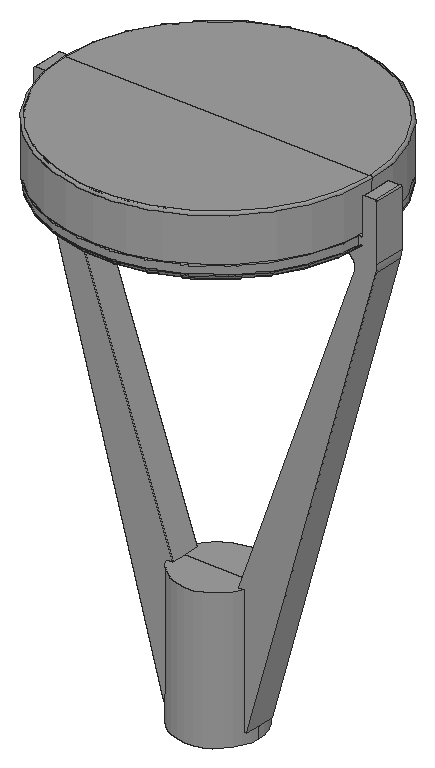
Revit family "EG MEDIUM TWIN STRUT", category Generic Models, Revit 2018
Family settings
  Can host rebar = No
  Round Connector Dimension = Use Diameter
  Part Type = Normal
  Work Plane-Based = No
  Always vertical = Yes
  Cut with Voids When Loaded = No
  Shared = No
  Room Calculation Point = No
Parameters
  LENS = Default
  EQ MD = Default
Reference planes (in)
  plane 1 "Center (Front/Back)": y = 0
  plane 2: z = 0
  plane 3 "Center (Left/Right)": x = 0
Forms (in)
  Revolve 1, solid, material "Default" <- "EQ MD"
    sketch origin (0, 0, 0) x (1, 0, 0) y (0, 0, 1)
      loop
        line (0, 6.75) -> (-2, 6.75) -> (-2, 0) -> (0, 0) -> (0, 6.75)
      axis (0, 6.75) -> (0, 0)
    angle from 0 to 360
  Revolve 2, solid, material "Default" <- "EQ MD"
    sketch origin (-22.86056, 0, 0) x (1, 0, 0) y (0, 0, 1)
      loop
        line (22.86056, 26.3906) -> (15.48556, 26.3906)
        arc (15.48556, 26.3906) -> (15.39717, 26.35399) -> (15.36056, 26.2656) r 0.125
        line (15.36056, 26.2656) -> (15.36056, 24.1406) -> (15.48556, 24.1406) -> (15.48556, 26.2656) -> (22.86056, 26.2656) -> (22.86056, 26.3906)
      axis (22.86056, 26.3906) -> (22.86056, 24.1406)
    angle from 0 to 360
  Revolve 3, solid, material "Default" <- "EQ MD"
    sketch origin (-22.86056, 0, 0) x (1, 0, 0) y (0, 0, 1)
      loop
        line (15.76183, 23.3125) -> (18.53618, 23.3125) -> (18.73928, 23.5156) -> (19.55178, 23.5156)
        arc (19.55178, 23.5156) -> (19.59597, 23.53391) -> (19.61428, 23.5781) r 0.0625
        line (19.61428, 23.5781) -> (19.61428, 23.6406)
        arc (19.61428, 23.6406) -> (19.59597, 23.68479) -> (19.55178, 23.7031) r 0.0625
        line (19.55178, 23.7031) -> (18.66162, 23.7031) -> (18.45852, 23.5) -> (16.01616, 23.5) -> (15.87351, 25.13045)
        arc (15.87351, 25.13045) -> (15.85348, 25.17108) -> (15.81125, 25.1875) r 0.0625
        line (15.81125, 25.1875) -> (15.72473, 25.1875)
        arc (15.72473, 25.1875) -> (15.68171, 25.17034) -> (15.66232, 25.12827) r 0.0625
        line (15.66232, 25.12827) -> (15.61366, 24.19983)
        arc (15.61366, 24.19983) -> (15.59427, 24.15776) -> (15.55125, 24.1406) r 0.0625
        line (15.55125, 24.1406) -> (15.42758, 24.1406)
        arc (15.42758, 24.1406) -> (15.38187, 24.12072) -> (15.36523, 24.07374) r 0.0625
        line (15.36523, 24.07374) -> (15.3932, 23.67377)
        arc (15.3932, 23.67377) -> (15.40278, 23.63606) -> (15.42495, 23.6041) r 0.1093
        line (15.42495, 23.6041) -> (15.68454, 23.34451)
        arc (15.68454, 23.34451) -> (15.72, 23.32082) -> (15.76183, 23.3125) r 0.1093
      axis (22.86056, 25.1875) -> (22.86056, 23.3125)
    angle from 0 to 360
  Extrusion 4, solid, material "Default" <- "EQ MD"
    sketch origin (0, 0, 0) x (1, 0, 0) y (0, 0, 1)
      loop
        arc (7.7187, 25.9532) -> (7.67451, 25.93489) -> (7.6562, 25.8907) r 0.0625
        line (7.6562, 25.8907) -> (7.6562, 24.2031)
        arc (7.6562, 24.2031) -> (7.63789, 24.15891) -> (7.5937, 24.1406) r 0.0625
        line (7.5937, 24.1406) -> (6.90044, 24.1406) -> (6.82799, 23.3125) -> (6.867, 23.3125)
        arc (6.867, 23.3125) -> (6.89341, 23.30664) -> (6.91488, 23.29017) r 0.0625
        line (6.91488, 23.29017) -> (7.14635, 23.01432)
        arc (7.14635, 23.01432) -> (7.25544, 22.78136) -> (7.23428, 22.52499) r 0.5
        line (7.23428, 22.52499) -> (1.54226, 6.562) -> (1.54226, 0.57112) -> (2, 0.57112) -> (8.25608, 22.75351)
        arc (8.25608, 22.75351) -> (8.29825, 22.95516) -> (8.3124, 23.16068) r 1.5
        line (8.3124, 23.16068) -> (8.3124, 25.8907)
        arc (8.3124, 25.8907) -> (8.29409, 25.93489) -> (8.2499, 25.9532) r 0.0625
        line (8.2499, 25.9532) -> (7.7187, 25.9532)
    from -0.75 to 0.75
  Extrusion 5, solid, material "Default" <- "EQ MD"
    sketch origin (0, 0, 0) x (-1, 0, 0) y (0, 0, -1)
      loop
        line (7.7187, -25.9532) -> (8.2499, -25.9532)
        arc (8.2499, -25.9532) -> (8.29409, -25.93489) -> (8.3124, -25.8907) r 0.0625
        line (8.3124, -25.8907) -> (8.3124, -23.16068)
        arc (8.3124, -23.16068) -> (8.29825, -22.95516) -> (8.25608, -22.75351) r 1.5
        line (8.25608, -22.75351) -> (2, -0.57112) -> (1.54226, -0.57112) -> (1.54226, -6.562) -> (7.23428, -22.52499)
        arc (7.23428, -22.52499) -> (7.25544, -22.78136) -> (7.14635, -23.01432) r 0.5
        line (7.14635, -23.01432) -> (6.91488, -23.29017)
        arc (6.91488, -23.29017) -> (6.89341, -23.30664) -> (6.867, -23.3125) r 0.0625
        line (6.867, -23.3125) -> (6.82799, -23.3125) -> (6.90044, -24.1406) -> (7.5937, -24.1406)
        arc (7.5937, -24.1406) -> (7.63789, -24.15891) -> (7.6562, -24.2031) r 0.0625
        line (7.6562, -24.2031) -> (7.6562, -25.8907)
        arc (7.6562, -25.8907) -> (7.67451, -25.93489) -> (7.7187, -25.9532) r 0.0625
    from -0.75 to 0.75
  Revolve 6, solid, material "Default" <- "LENS"
    sketch origin (0, 0, 0) x (1, 0, 0) y (0, 0, 1)
      loop
        line (0, 23.7031) -> (0, 23.8281) -> (-3.5, 23.8281) -> (-3.5, 23.7031) -> (0, 23.7031)
      axis (0, 23.8281) -> (0, 23.7031)
    angle from 0 to 360
Cuts and joins
  joined: Revolve 1, Extrusion 4, Extrusion 5
Dimensions and locks (in)
  aligned and locked: plane 2 to level
